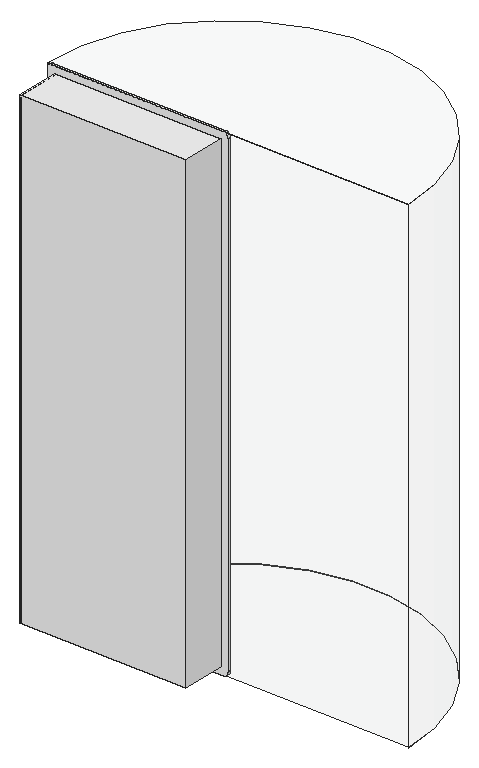
Revit family "Electrical_Equipment-Network-Leviton-MetalSME", category Electrical Equipment, host Wall, Revit 2025
Family settings
  Host = Wall
  Round Connector Dimension = Use Diameter
  Part Type = Other Panel
  Always vertical = Yes
  Cut with Voids When Loaded = Yes
  Maintain Annotation Orientation = No
  Shared = No
  Room Calculation Point = No
Parameters (values of type "42"")
  z Vents are Visible [instance] = and(Cover or Door is Visible, Premium Vented Door)  # yes
  z Leviton Type = 2
  Width = 15.62"  # constant formula
  URL = "http://www.leviton.com/OA_HTML/SectionDisplay.jsp?section=37665&minisite=10251"
  UPC Code = ""
  Technical Support Phone Number = "1-800-824-3005"  # constant formula
  Serial Number = ""
  Provide Feedback = ""
  Product Page = "http://www.leviton.com/en/products/connected-home/structured-media-enclosures/enclosures-covers-doors"
  Premium Vented Door [instance] = yes
  Power Source Type = ""
  Point of Shipment = ""
  Mounting Depth [instance] = 0.00"
  Model Disclaimer = "http://www.leviton.com/BIMTERMS"
  Model = "See Product Page"  # constant formula
  built-in parameter 1155152 [instance] = 16
  MasterFormat Number = ""
  Manufacturer = "Leviton"  # constant formula
  Label ID = ""
  Is Provided by Others = no
  Height = if(z Leviton Type = 0, 15.35", if(z Leviton Type = 1, 28.10", if(z Leviton Type = 2, 42.10", 30.00")))  # 42.10"
  Family Version = "1.0.0"  # constant formula
  Equipment Type = ""
  Equipment Abbreviation = "MSME"  # constant formula
  Description = "Structured Media Enclosure, 42 in."
  Default Elevation = 0.00"
  Date Last Modified = "March 30, 2017"  # constant formula
  Cover or Door is Visible [instance] = yes
  Copyright = "Copyright © 2012-2017 Leviton Manufacturing Co., Inc."  # constant formula
  Check for Latest Version = "leviton.com/bim"
  Category Rating = ""
  Area Served = ""
Types (4): name | z Leviton Type | Mounting Depth | Height | Description
  (no name) | 2 | 0.00" | 42.10" | "Structured Media Enclosure, 42 in."
  14" | 0 | 0.10" | 15.35" | "Structured Media Enclosure, 14 in."
  28" | 1 | 0.10" | 28.10" | "Structured Media Enclosure, 28 in."
  42" | 2 | 0.00" | 42.10" | "Structured Media Enclosure, 42 in."
Reference planes (in)
  plane 1: y = 0
  plane 2 "Center (Left/Right)": x = 0
  plane 3 "Wall Edge": y = 3
  plane 4 "Right": x = -7.81
  plane 5 "Left": x = 7.81
  plane 6 "Bottom": z = 17.9
  plane 7 "Top": z = 60
  plane 8 "Front": y = 3
  plane 9 "Back": y = -0.81
  plane 10: x = 7.15
  plane 11: x = -7.15
  plane 12 "Internal Mounting Surface": y = -0.774
  plane 13: z = 38.95
  plane 14 "Front of Door": y = 3.2
Forms (in)
  Extrusion 1, solid, material "Powder Coated Metal - Leviton - White"
    sketch origin (0, 3, 0) x (0, 0, 1) y (-1, 0, 0)
      loop
        line (59.38, -7.15) -> (59.38, 7.15) -> (18.52, 7.15) -> (18.52, -7.15) -> (59.38, -7.15)
    from 0 to 3.81
  Extrusion 2, void
    sketch origin (0, 3, 0) x (0, 0, 1) y (-1, 0, 0)
      loop
        line (59.34, 7.11) -> (18.56, 7.11) -> (18.56, -7.11) -> (59.34, -7.11) -> (59.34, 7.11)
    from 0 to 3.774
  Extrusion 3, solid, material "Clearance Areas - Leviton", visible <- "Cover or Door is Visible"
    sketch origin (1.66422, 1.78443, 0) x (1, 0, 0) y (0, 1, 0)
      loop
        line (-9.47422, 1.21557) -> (21.76578, 1.21557)
        arc (21.76578, 1.21557) -> (6.14578, 16.83557) -> (-9.47422, 1.21557) r 15.62
    from 17.9 to 60
  Extrusion 4, void
    sketch origin (0, 3, 0) x (0, 0, 1) y (-1, 0, 0)
      loop
        line (59.38, -7.15) -> (59.38, 7.15) -> (18.52, 7.15) -> (18.52, -7.15) -> (59.38, -7.15)
    from 0 to 3.81
  Extrusion 5, solid, material "Powder Coated Metal - Leviton - White", visible <- "Cover or Door is Visible"
    sketch origin (0, 3, 0) x (0, 0, 1) y (-1, 0, 0)
      loop
        line (60, -7.41) -> (60, 7.41)
        arc (60, 7.41) -> (59.88284, 7.69284) -> (59.6, 7.81) r 0.4
        line (59.6, 7.81) -> (18.3, 7.81)
        arc (18.3, 7.81) -> (18.01716, 7.69284) -> (17.9, 7.41) r 0.4
        line (17.9, 7.41) -> (17.9, -7.41)
        arc (17.9, -7.41) -> (18.01716, -7.69284) -> (18.3, -7.81) r 0.4
        line (18.3, -7.81) -> (59.6, -7.81)
        arc (59.6, -7.81) -> (59.88284, -7.69284) -> (60, -7.41) r 0.4
    from 0 to -0.2
Cuts and joins
  Extrusion 2 cuts Extrusion 1
  Extrusion 4 cuts Extrusion 3
Lines and regions (in)
  model lines, style "Enclosure", visible <- "z Vents are Visible", detail levels medium+fine
    curve 1: line (2.25, 3.2, 58.5) -> (0.25, 3.2, 58.5)
    curve 2: line (2.25, 3.2, 58.414) -> (2.25, 3.2, 58.5)
    curve 3: line (0.25, 3.2, 58.414) -> (2.25, 3.2, 58.414)
    curve 4: line (0.25, 3.2, 58.5) -> (0.25, 3.2, 58.414)
    curve 5: line (2.25, 3.2, 58.25) -> (0.25, 3.2, 58.25)
    curve 6: line (2.25, 3.2, 58.164) -> (2.25, 3.2, 58.25)
    curve 7: line (0.25, 3.2, 58.164) -> (2.25, 3.2, 58.164)
    curve 8: line (0.25, 3.2, 58.25) -> (0.25, 3.2, 58.164)
    curve 9: line (2.25, 3.2, 58) -> (0.25, 3.2, 58)
    curve 10: line (2.25, 3.2, 57.914) -> (2.25, 3.2, 58)
    curve 11: line (0.25, 3.2, 57.914) -> (2.25, 3.2, 57.914)
    curve 12: line (0.25, 3.2, 58) -> (0.25, 3.2, 57.914)
    curve 13: line (2.25, 3.2, 57.75) -> (0.25, 3.2, 57.75)
    curve 14: line (2.25, 3.2, 57.664) -> (2.25, 3.2, 57.75)
    curve 15: line (0.25, 3.2, 57.664) -> (2.25, 3.2, 57.664)
    curve 16: line (0.25, 3.2, 57.75) -> (0.25, 3.2, 57.664)
    curve 17: line (2.25, 3.2, 57.5) -> (0.25, 3.2, 57.5)
    curve 18: line (2.25, 3.2, 57.414) -> (2.25, 3.2, 57.5)
    curve 19: line (0.25, 3.2, 57.414) -> (2.25, 3.2, 57.414)
    curve 20: line (0.25, 3.2, 57.5) -> (0.25, 3.2, 57.414)
    curve 21: line (2.25, 3.2, 57.25) -> (0.25, 3.2, 57.25)
    curve 22: line (2.25, 3.2, 57.164) -> (2.25, 3.2, 57.25)
    curve 23: line (0.25, 3.2, 57.164) -> (2.25, 3.2, 57.164)
    curve 24: line (0.25, 3.2, 57.25) -> (0.25, 3.2, 57.164)
    curve 25: line (2.25, 3.2, 57) -> (0.25, 3.2, 57)
    curve 26: line (2.25, 3.2, 56.914) -> (2.25, 3.2, 57)
    curve 27: line (0.25, 3.2, 56.914) -> (2.25, 3.2, 56.914)
    curve 28: line (0.25, 3.2, 57) -> (0.25, 3.2, 56.914)
    curve 29: line (2.25, 3.2, 56.75) -> (0.25, 3.2, 56.75)
    curve 30: line (2.25, 3.2, 56.664) -> (2.25, 3.2, 56.75)
    curve 31: line (0.25, 3.2, 56.664) -> (2.25, 3.2, 56.664)
    curve 32: line (0.25, 3.2, 56.75) -> (0.25, 3.2, 56.664)
    curve 33: line (2.25, 3.2, 56.5) -> (0.25, 3.2, 56.5)
    curve 34: line (2.25, 3.2, 56.414) -> (2.25, 3.2, 56.5)
    curve 35: line (0.25, 3.2, 56.414) -> (2.25, 3.2, 56.414)
    curve 36: line (0.25, 3.2, 56.5) -> (0.25, 3.2, 56.414)
    curve 37: line (-2.25, 3.2, 58.5) -> (-0.25, 3.2, 58.5)
    curve 38: line (-2.25, 3.2, 58.414) -> (-2.25, 3.2, 58.5)
    curve 39: line (-0.25, 3.2, 58.414) -> (-2.25, 3.2, 58.414)
    curve 40: line (-0.25, 3.2, 58.5) -> (-0.25, 3.2, 58.414)
    curve 41: line (-2.25, 3.2, 58.25) -> (-0.25, 3.2, 58.25)
    curve 42: line (-2.25, 3.2, 58.164) -> (-2.25, 3.2, 58.25)
    curve 43: line (-0.25, 3.2, 58.164) -> (-2.25, 3.2, 58.164)
    curve 44: line (-0.25, 3.2, 58.25) -> (-0.25, 3.2, 58.164)
    curve 45: line (-2.25, 3.2, 58) -> (-0.25, 3.2, 58)
    curve 46: line (-2.25, 3.2, 57.914) -> (-2.25, 3.2, 58)
    curve 47: line (-0.25, 3.2, 57.914) -> (-2.25, 3.2, 57.914)
    curve 48: line (-0.25, 3.2, 58) -> (-0.25, 3.2, 57.914)
    curve 49: line (-2.25, 3.2, 57.75) -> (-0.25, 3.2, 57.75)
    curve 50: line (-2.25, 3.2, 57.664) -> (-2.25, 3.2, 57.75)
    curve 51: line (-0.25, 3.2, 57.664) -> (-2.25, 3.2, 57.664)
    curve 52: line (-0.25, 3.2, 57.75) -> (-0.25, 3.2, 57.664)
    curve 53: line (-2.25, 3.2, 57.5) -> (-0.25, 3.2, 57.5)
    curve 54: line (-2.25, 3.2, 57.414) -> (-2.25, 3.2, 57.5)
    curve 55: line (-0.25, 3.2, 57.414) -> (-2.25, 3.2, 57.414)
    curve 56: line (-0.25, 3.2, 57.5) -> (-0.25, 3.2, 57.414)
    curve 57: line (-2.25, 3.2, 57.25) -> (-0.25, 3.2, 57.25)
    curve 58: line (-2.25, 3.2, 57.164) -> (-2.25, 3.2, 57.25)
    curve 59: line (-0.25, 3.2, 57.164) -> (-2.25, 3.2, 57.164)
    curve 60: line (-0.25, 3.2, 57.25) -> (-0.25, 3.2, 57.164)
    curve 61: line (-2.25, 3.2, 57) -> (-0.25, 3.2, 57)
    curve 62: line (-2.25, 3.2, 56.914) -> (-2.25, 3.2, 57)
    curve 63: line (-0.25, 3.2, 56.914) -> (-2.25, 3.2, 56.914)
    curve 64: line (-0.25, 3.2, 57) -> (-0.25, 3.2, 56.914)
    curve 65: line (-2.25, 3.2, 56.75) -> (-0.25, 3.2, 56.75)
    curve 66: line (-2.25, 3.2, 56.664) -> (-2.25, 3.2, 56.75)
    curve 67: line (-0.25, 3.2, 56.664) -> (-2.25, 3.2, 56.664)
    curve 68: line (-0.25, 3.2, 56.75) -> (-0.25, 3.2, 56.664)
    curve 69: line (-2.25, 3.2, 56.5) -> (-0.25, 3.2, 56.5)
    curve 70: line (-2.25, 3.2, 56.414) -> (-2.25, 3.2, 56.5)
    curve 71: line (-0.25, 3.2, 56.414) -> (-2.25, 3.2, 56.414)
    curve 72: line (-0.25, 3.2, 56.5) -> (-0.25, 3.2, 56.414)
    curve 73: line (2.25, 3.2, 19.4) -> (0.25, 3.2, 19.4)
    curve 74: line (2.25, 3.2, 19.486) -> (2.25, 3.2, 19.4)
    curve 75: line (0.25, 3.2, 19.486) -> (2.25, 3.2, 19.486)
    curve 76: line (0.25, 3.2, 19.4) -> (0.25, 3.2, 19.486)
    curve 77: line (2.25, 3.2, 19.65) -> (0.25, 3.2, 19.65)
    curve 78: line (2.25, 3.2, 19.736) -> (2.25, 3.2, 19.65)
    curve 79: line (0.25, 3.2, 19.736) -> (2.25, 3.2, 19.736)
    curve 80: line (0.25, 3.2, 19.65) -> (0.25, 3.2, 19.736)
    curve 81: line (2.25, 3.2, 19.9) -> (0.25, 3.2, 19.9)
    curve 82: line (2.25, 3.2, 19.986) -> (2.25, 3.2, 19.9)
    curve 83: line (0.25, 3.2, 19.986) -> (2.25, 3.2, 19.986)
    curve 84: line (0.25, 3.2, 19.9) -> (0.25, 3.2, 19.986)
    curve 85: line (2.25, 3.2, 20.15) -> (0.25, 3.2, 20.15)
    curve 86: line (2.25, 3.2, 20.236) -> (2.25, 3.2, 20.15)
    curve 87: line (0.25, 3.2, 20.236) -> (2.25, 3.2, 20.236)
    curve 88: line (0.25, 3.2, 20.15) -> (0.25, 3.2, 20.236)
    curve 89: line (2.25, 3.2, 20.4) -> (0.25, 3.2, 20.4)
    curve 90: line (2.25, 3.2, 20.486) -> (2.25, 3.2, 20.4)
    curve 91: line (0.25, 3.2, 20.486) -> (2.25, 3.2, 20.486)
    curve 92: line (0.25, 3.2, 20.4) -> (0.25, 3.2, 20.486)
    curve 93: line (2.25, 3.2, 20.65) -> (0.25, 3.2, 20.65)
    curve 94: line (2.25, 3.2, 20.736) -> (2.25, 3.2, 20.65)
    curve 95: line (0.25, 3.2, 20.736) -> (2.25, 3.2, 20.736)
    curve 96: line (0.25, 3.2, 20.65) -> (0.25, 3.2, 20.736)
    curve 97: line (2.25, 3.2, 20.9) -> (0.25, 3.2, 20.9)
    curve 98: line (2.25, 3.2, 20.986) -> (2.25, 3.2, 20.9)
    curve 99: line (0.25, 3.2, 20.986) -> (2.25, 3.2, 20.986)
    curve 100: line (0.25, 3.2, 20.9) -> (0.25, 3.2, 20.986)
    curve 101: line (2.25, 3.2, 21.15) -> (0.25, 3.2, 21.15)
    curve 102: line (2.25, 3.2, 21.236) -> (2.25, 3.2, 21.15)
    curve 103: line (0.25, 3.2, 21.236) -> (2.25, 3.2, 21.236)
    curve 104: line (0.25, 3.2, 21.15) -> (0.25, 3.2, 21.236)
    curve 105: line (2.25, 3.2, 21.4) -> (0.25, 3.2, 21.4)
    curve 106: line (2.25, 3.2, 21.486) -> (2.25, 3.2, 21.4)
    curve 107: line (0.25, 3.2, 21.486) -> (2.25, 3.2, 21.486)
    curve 108: line (0.25, 3.2, 21.4) -> (0.25, 3.2, 21.486)
    curve 109: line (-2.25, 3.2, 19.4) -> (-0.25, 3.2, 19.4)
    curve 110: line (-2.25, 3.2, 19.486) -> (-2.25, 3.2, 19.4)
    curve 111: line (-0.25, 3.2, 19.486) -> (-2.25, 3.2, 19.486)
    curve 112: line (-0.25, 3.2, 19.4) -> (-0.25, 3.2, 19.486)
    curve 113: line (-2.25, 3.2, 19.65) -> (-0.25, 3.2, 19.65)
    curve 114: line (-2.25, 3.2, 19.736) -> (-2.25, 3.2, 19.65)
    curve 115: line (-0.25, 3.2, 19.736) -> (-2.25, 3.2, 19.736)
    curve 116: line (-0.25, 3.2, 19.65) -> (-0.25, 3.2, 19.736)
    curve 117: line (-2.25, 3.2, 19.9) -> (-0.25, 3.2, 19.9)
    curve 118: line (-2.25, 3.2, 19.986) -> (-2.25, 3.2, 19.9)
    curve 119: line (-0.25, 3.2, 19.986) -> (-2.25, 3.2, 19.986)
    curve 120: line (-0.25, 3.2, 19.9) -> (-0.25, 3.2, 19.986)
    curve 121: line (-2.25, 3.2, 20.15) -> (-0.25, 3.2, 20.15)
    curve 122: line (-2.25, 3.2, 20.236) -> (-2.25, 3.2, 20.15)
    curve 123: line (-0.25, 3.2, 20.236) -> (-2.25, 3.2, 20.236)
    curve 124: line (-0.25, 3.2, 20.15) -> (-0.25, 3.2, 20.236)
    curve 125: line (-2.25, 3.2, 20.4) -> (-0.25, 3.2, 20.4)
    curve 126: line (-2.25, 3.2, 20.486) -> (-2.25, 3.2, 20.4)
    curve 127: line (-0.25, 3.2, 20.486) -> (-2.25, 3.2, 20.486)
    curve 128: line (-0.25, 3.2, 20.4) -> (-0.25, 3.2, 20.486)
    curve 129: line (-2.25, 3.2, 20.65) -> (-0.25, 3.2, 20.65)
    curve 130: line (-2.25, 3.2, 20.736) -> (-2.25, 3.2, 20.65)
    curve 131: line (-0.25, 3.2, 20.736) -> (-2.25, 3.2, 20.736)
    curve 132: line (-0.25, 3.2, 20.65) -> (-0.25, 3.2, 20.736)
    curve 133: line (-2.25, 3.2, 20.9) -> (-0.25, 3.2, 20.9)
    curve 134: line (-2.25, 3.2, 20.986) -> (-2.25, 3.2, 20.9)
    curve 135: line (-0.25, 3.2, 20.986) -> (-2.25, 3.2, 20.986)
    curve 136: line (-0.25, 3.2, 20.9) -> (-0.25, 3.2, 20.986)
    curve 137: line (-2.25, 3.2, 21.15) -> (-0.25, 3.2, 21.15)
    curve 138: line (-2.25, 3.2, 21.236) -> (-2.25, 3.2, 21.15)
    curve 139: line (-0.25, 3.2, 21.236) -> (-2.25, 3.2, 21.236)
    curve 140: line (-0.25, 3.2, 21.15) -> (-0.25, 3.2, 21.236)
    curve 141: line (-2.25, 3.2, 21.4) -> (-0.25, 3.2, 21.4)
    curve 142: line (-2.25, 3.2, 21.486) -> (-2.25, 3.2, 21.4)
    curve 143: line (-0.25, 3.2, 21.486) -> (-2.25, 3.2, 21.486)
    curve 144: line (-0.25, 3.2, 21.4) -> (-0.25, 3.2, 21.486)
Text (in)
  text "Placement Side" at (0, 40.15149, 123.01588), in view "Right"
  text "Placement Side" at (-70.3804, 28.46503, 0), in view "Ref. Level"
  text "Placement Side" at (0, 81.62555, 140.59947), in view "Left"
Dimensions and locks (in)
  locked: plane 3 "Wall Edge" to host wall
  equal spacing: plane 4 "Right", plane 2 "Center (Left/Right)", plane 5 "Left"
  equal spacing: plane 11, plane 2 "Center (Left/Right)", plane 10
  plane 11 to plane 10 = 14.30"
  "Mounting Depth": plane 3 "Wall Edge" to plane 8 "Front"
  locked: plane 9 "Back" to plane 8 "Front" at 3.81
  plane 9 "Back" to plane 12 "Internal Mounting Surface" = 0.036"
  plane 9 "Back" to host wall = 0.81"
  "Height": plane 6 "Bottom" to plane 7 "Top"
  plane 7 "Top" to level = 60.00"
  "Width": plane 5 "Left" to plane 4 "Right"
  equal spacing: plane 6 "Bottom", plane 13, plane 7 "Top"
  Extrusion 1 sketch curve to plane 7 "Top" = 0.62"
  plane 6 "Bottom" to Extrusion 1 sketch curve = 0.62"
  locked: plane 8 "Front" to plane 14 "Front of Door" at 0.2
  aligned and locked: host wall to level
  aligned and locked: Extrusion 1 sketch curve to plane 10
  aligned and locked: Extrusion 1 sketch curve to plane 11
  aligned and locked: plane 12 "Internal Mounting Surface" to Extrusion 2
  aligned and locked: Extrusion 1 to plane 9 "Back"
  aligned and locked: Extrusion 1 to plane 8 "Front"
  aligned and locked: Extrusion 4 to plane 9 "Back"
  aligned and locked: host wall to Extrusion 4
  aligned and locked: plane 14 "Front of Door" to Extrusion 5
  aligned and locked: plane 7 "Top" to Extrusion 3
  aligned and locked: Extrusion 3 to plane 6 "Bottom"
Automatic sketch dimensions
  plane 6 "Bottom" to Extrusion 2 sketch curve = 0.66"
  Extrusion 2 sketch curve to plane 7 "Top" = 0.66"
  Extrusion 2 sketch curve to plane 5 "Left" = 0.70"
  plane 4 "Right" to Extrusion 2 sketch curve = 0.70"
  plane 6 "Bottom" to Extrusion 4 sketch curve = 0.62"
  Extrusion 4 sketch curve to plane 7 "Top" = 0.62"
  Extrusion 4 sketch curve to plane 5 "Left" = 0.66"
  plane 4 "Right" to Extrusion 4 sketch curve = 0.66"
  plane 2 "Center (Left/Right)" to curve 1 = 2.25"
  plane 2 "Center (Left/Right)" to curve 107 = 2.25"
  curve 5 to curve 2 = 0.00"
  curve 103 to curve 105 = 0.00"
  curve 9 to curve 6 = 0.00"
  curve 99 to curve 101 = 0.00"
  curve 13 to curve 10 = 0.00"
  curve 95 to curve 97 = 0.00"
  curve 17 to curve 14 = 0.00"
  curve 91 to curve 93 = 0.00"
  curve 21 to curve 18 = 0.00"
  curve 87 to curve 89 = 0.00"
  curve 25 to curve 22 = 0.00"
  curve 83 to curve 85 = 0.00"
  curve 29 to curve 26 = 0.00"
  curve 79 to curve 81 = 0.00"
  curve 33 to curve 30 = 0.00"
  curve 75 to curve 77 = 0.00"
  plane 2 "Center (Left/Right)" to curve 91 = 0.25"
  plane 2 "Center (Left/Right)" to curve 108 = 0.25"
  plane 2 "Center (Left/Right)" to curve 1 = 0.25"
  curve 104 to curve 105 = 0.00"
  curve 5 to curve 3 = 0.00"
  curve 100 to curve 101 = 0.00"
  curve 9 to curve 7 = 0.00"
  curve 96 to curve 97 = 0.00"
  curve 13 to curve 11 = 0.00"
  curve 17 to curve 15 = 0.00"
  curve 88 to curve 89 = 0.00"
  curve 21 to curve 19 = 0.00"
  curve 84 to curve 85 = 0.00"
  curve 25 to curve 23 = 0.00"
  curve 80 to curve 81 = 0.00"
  curve 29 to curve 27 = 0.00"
  curve 76 to curve 77 = 0.00"
  curve 33 to curve 31 = 0.00"
  curve 72 to plane 2 "Center (Left/Right)" = 0.25"
  curve 109 to plane 2 "Center (Left/Right)" = 0.25"
  curve 69 to curve 68 = 0.00"
  curve 111 to curve 113 = 0.00"
  curve 65 to curve 64 = 0.00"
  curve 115 to curve 117 = 0.00"
  curve 61 to curve 60 = 0.00"
  curve 119 to curve 121 = 0.00"
  curve 57 to curve 56 = 0.00"
  curve 123 to curve 125 = 0.00"
  curve 144 to plane 2 "Center (Left/Right)" = 0.25"
  curve 53 to curve 52 = 0.00"
  curve 127 to curve 129 = 0.00"
  curve 49 to curve 48 = 0.00"
  curve 131 to curve 133 = 0.00"
  curve 45 to curve 44 = 0.00"
  curve 135 to curve 137 = 0.00"
  curve 41 to curve 40 = 0.00"
  curve 109 to curve 109 = 2.00"
  curve 71 to curve 71 = 2.00"
  curve 110 to curve 113 = 0.00"
  curve 69 to curve 67 = 0.00"
  curve 114 to curve 117 = 0.00"
  curve 65 to curve 63 = 0.00"
  curve 118 to curve 121 = 0.00"
  curve 61 to curve 59 = 0.00"
  curve 122 to curve 125 = 0.00"
  curve 57 to curve 55 = 0.00"
  curve 126 to curve 129 = 0.00"
  curve 53 to curve 51 = 0.00"
  curve 130 to curve 133 = 0.00"
  curve 49 to curve 47 = 0.00"
  curve 134 to curve 137 = 0.00"
  curve 45 to curve 43 = 0.00"
  curve 138 to curve 141 = 0.00"
  curve 41 to curve 39 = 0.00"
  plane 6 "Bottom" to curve 73 = 1.50"
  plane 6 "Bottom" to curve 109 = 1.50"
  curve 109 to curve 111 = 0.086"
  curve 73 to curve 74 = 0.086"
  curve 74 to curve 78 = 0.164"
  curve 110 to curve 113 = 0.164"
  curve 77 to curve 79 = 0.086"
  curve 113 to curve 115 = 0.086"
  curve 78 to curve 82 = 0.164"
  curve 114 to curve 117 = 0.164"
  curve 81 to curve 83 = 0.086"
  curve 117 to curve 119 = 0.086"
  curve 83 to curve 85 = 0.164"
  curve 118 to curve 122 = 0.164"
  curve 85 to curve 87 = 0.086"
  curve 121 to curve 124 = 0.086"
  curve 87 to curve 92 = 0.164"
  curve 122 to curve 125 = 0.164"
  curve 89 to curve 91 = 0.086"
  curve 125 to curve 126 = 0.086"
  curve 91 to curve 93 = 0.164"
  curve 126 to curve 129 = 0.164"
  curve 129 to curve 130 = 0.086"
  curve 93 to curve 94 = 0.086"
  curve 94 to curve 97 = 0.164"
  curve 130 to curve 134 = 0.164"
  curve 133 to curve 134 = 0.086"
  curve 97 to curve 100 = 0.086"
  curve 134 to curve 138 = 0.164"
  curve 99 to curve 101 = 0.164"
  curve 137 to curve 140 = 0.086"
  curve 101 to curve 104 = 0.086"
  curve 103 to curve 105 = 0.164"
  curve 138 to curve 141 = 0.164"
  curve 141 to curve 143 = 0.086"
  curve 105 to curve 107 = 0.086"
  curve 72 to plane 7 "Top" = 3.586"
  curve 34 to curve 71 = 0.00"
  curve 34 to curve 34 = 0.086"
  curve 71 to curve 69 = 0.086"
  curve 33 to curve 31 = 0.164"
  curve 69 to curve 66 = 0.164"
  curve 30 to curve 30 = 0.086"
  curve 66 to curve 65 = 0.086"
  curve 65 to curve 64 = 0.164"
  curve 29 to curve 26 = 0.164"
  curve 26 to curve 26 = 0.086"
  curve 62 to curve 62 = 0.086"
  curve 61 to curve 59 = 0.164"
  curve 25 to curve 23 = 0.164"
  curve 22 to curve 22 = 0.086"
  curve 58 to curve 57 = 0.086"
  curve 21 to curve 20 = 0.164"
  curve 57 to curve 55 = 0.164"
  curve 55 to curve 56 = 0.086"
  curve 18 to curve 18 = 0.086"
  curve 53 to curve 52 = 0.164"
  curve 17 to curve 15 = 0.164"
  curve 51 to curve 52 = 0.086"
  curve 14 to curve 14 = 0.086"
  curve 13 to curve 12 = 0.164"
  curve 49 to curve 47 = 0.164"
  curve 10 to curve 9 = 0.086"
  curve 46 to curve 45 = 0.086"
  curve 45 to curve 43 = 0.164"
  curve 9 to curve 7 = 0.164"
  curve 6 to curve 6 = 0.086"
  curve 43 to curve 44 = 0.086"
  curve 41 to curve 40 = 0.164"
  curve 5 to curve 3 = 0.164"
  curve 3 to curve 4 = 0.086"
  curve 38 to curve 37 = 0.086"
  Extrusion 5 sketch curve to plane 6 "Bottom" = 0.00"
  Extrusion 5 sketch curve to plane 5 "Left" = 0.00"
  Extrusion 5 sketch curve to plane 4 "Right" = 0.00"
  Extrusion 5 sketch curve to plane 7 "Top" = 0.00"
  plane 6 "Bottom" to Extrusion 5 sketch curve = 0.40"  (x2)
  Extrusion 5 sketch curve to plane 5 "Left" = 0.40"
  Extrusion 5 sketch curve to Extrusion 5 sketch curve = 0.40"
  Extrusion 3 sketch curve to plane 4 "Right" = 0.00"
  Extrusion 3 sketch curve to plane 5 "Left" = 0.00"
  plane 8 "Front" to Extrusion 3 sketch curve = 0.00"
Connectors (in)
  electrical at (0, 3, 56.15)
    settings: index 1, voltage 0 V, apparent load 0 VA, apparent load phase1 0 VA, apparent load phase2 0 VA, apparent load phase3 0 VA, power factor 1, load classification "Other", number of poles 1, system type 5, power factor state 1, is connector primary yes, connector utility no, sub classification motor no, connector description ""
